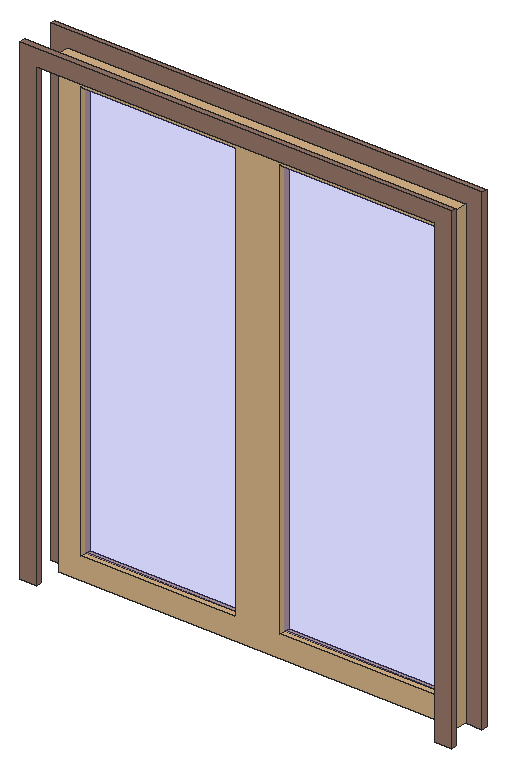
Revit family "Double-Glass 1", category Doors, host Wall, Revit 2014
Parameters (values of type "72" x 84"")
  Visual Light Transmittance = 0
  Thickness = 0' - 2"
  Thermal Resistance (R) = 1.5338 (h·ft²·°F)/BTU
  Solar Heat Gain Coefficient = 0
  Construction Type Id = "MDOOR"
  Heat Transfer Coefficient (U) = 0.6520 BTU/(h·ft²·°F)
  Function = Interior
  Assembly Code = "C1020"
  Door Material = Door - Panel
  Frame Material = Door - Frame
  Height = 7' - 0"
  Rail Width - Base = 0' - 4"
  Rail Width - Top = 0' - 4"
  Stile Width - Hinge = 0' - 4"
  Stile Width - Latch = 0' - 4"
  Trim Projection = 0' - 1"
  Trim Width = 0' - 3"
  Wall Closure = By host
  Width = 6' - 0"
  Analytic Construction = "Metal"
Types (5): name | Visual Light Transmittance | Thermal Resistance (R) | Solar Heat Gain Coefficient | Construction Type Id | Heat Transfer Coefficient (U) | Height | Trim Width | Width | Analytic Construction
  72" x 84" | 0 | 1.5338 (h·ft²·°F)/BTU | 0 | "MDOOR" | 0.6520 BTU/(h·ft²·°F) | 7' - 0" | 0' - 3" | 6' - 0" | "Metal"
  68" x 80" | 0.9 | 0.0000 (h·ft²·°F)/BTU | 0.78 | "GSP4R" | 0.6496 BTU/(h·ft²·°F) | 6' - 8" | 0' - 3" | 5' - 8" | "1/8 in Pilkington single glazing"
  68" x 84" | 0.9 | 0.0000 (h·ft²·°F)/BTU | 0.78 | "GSP4R" | 0.6496 BTU/(h·ft²·°F) | 7' - 0" | 0' - 3" | 5' - 8" | "1/8 in Pilkington single glazing"
  72" x 78" | 0.9 | 0.0000 (h·ft²·°F)/BTU | 0.78 | "GSP4R" | 0.6496 BTU/(h·ft²·°F) | 6' - 6" | 0' - 2" | 6' - 0" | "1/8 in Pilkington single glazing"
  72" x 82" | 0.9 | 0.0000 (h·ft²·°F)/BTU | 0.78 | "GSP4R" | 0.6496 BTU/(h·ft²·°F) | 6' - 10" | 0' - 2" | 6' - 0" | "1/8 in Pilkington single glazing"
Reference planes (in)
  plane 1: y = 0
  plane 2: z = 0
  plane 3: x = 0
  plane 4: x = -36
  plane 5: x = 36
  plane 6: z = 84
  plane 7: z = 4
  plane 8: z = 80
Forms (in)
  Extrusion 1, solid, material "Door - Panel" <- "Door Material"
    sketch origin (0, 0, 0) x (1, 0, 0) y (0, 0, 1)
      loop
        line (-36, 84) -> (-36, 0) -> (36, 0) -> (36, 84) -> (-36, 84)
      loop
        line (-32, 80) -> (-32, 4) -> (-4, 4) -> (-4, 80) -> (-32, 80)
      loop
        line (4, 80) -> (4, 4) -> (32, 4) -> (32, 80) -> (4, 80)
    from -3.09375 to -1.09375
  Extrusion 2, solid, material "Glass"
    sketch origin (0, 0, 0) x (1, 0, 0) y (0, 0, 1)
      loop
        line (-4, 80) -> (-32, 80) -> (-32, 4) -> (-4, 4) -> (-4, 80)
    from -2.375 to -2.09375
  Extrusion 3, solid, material "Glass"
    sketch origin (0, 0, 0) x (1, 0, 0) y (0, 0, 1)
      loop
        line (4, 80) -> (4, 4) -> (32, 4) -> (32, 80) -> (4, 80)
    from -2.375 to -2.09375
  Extrusion 4, solid, material "Door - Frame" <- "Frame Material"
    sketch origin (-93.06215, 3.09375, 0) x (-1, 0, 0) y (0, 0, 1)
      loop
        line (-129.06215, 0) -> (-129.06215, 84) -> (-57.06215, 84) -> (-57.06215, 0) -> (-54.06215, 0) -> (-54.06215, 87) -> (-132.06215, 87) -> (-132.06215, 0) -> (-129.06215, 0)
    from 0 to 1
  Extrusion 5, solid, material "Door - Frame" <- "Frame Material"
    sketch origin (-93.06215, -2.90625, 0) x (1, 0, 0) y (0, 0, 1)
      loop
        line (129.06215, 0) -> (132.06215, 0) -> (132.06215, 87) -> (54.06215, 87) -> (54.06215, 0) -> (57.06215, 0) -> (57.06215, 84) -> (129.06215, 84) -> (129.06215, 0)
    from 0 to 1
Lines and regions (in)
  Opening 1
    outline origin (-60, -2.90625, 144) x (0, 0, -1) y (1, 0, 0)
      loop
        line (60, 24) -> (144, 24) -> (144, 96) -> (60, 96) -> (60, 24)
  symbolic lines, style "DoorsPanelProjection"
    curve 1: line (35.9952, 3.09375, 0) -> (34, 3.09375, 0)
    curve 2: line (35.9952, 3.09375, 0) -> (35.9952, 7.09375, 0)
    curve 3: line (35.9952, 39.09135, 0) -> (34, 39.09135, 0)
    curve 4: line (34, 3.09375, 0) -> (34, 7.09375, 0)
    curve 5: line (-36.02099, 3.09375, 0) -> (-33.99712, 3.09375, 0)
    curve 6: line (-36.02099, 3.09375, 0) -> (-36.02099, 7.09375, 0)
    curve 7: line (-36.02099, 39.09137, 0) -> (-33.99712, 39.09137, 0)
    curve 8: line (-33.99712, 3.09375, 0) -> (-33.99712, 7.09375, 0)
    curve 13: line (-36.02099, 35.09137, 0) -> (-33.99712, 35.09137, 0)
    curve 14: line (-36.02099, 7.09375, 0) -> (-33.99712, 7.09375, 0)
    curve 16: line (34, 35.09135, 0) -> (35.9952, 35.09135, 0)
    curve 17: line (35.9952, 7.09375, 0) -> (34, 7.09375, 0)
    curve 19: line (-36.02099, 35.09137, 0) -> (-36.02099, 39.09137, 0)
    curve 20: line (-33.99712, 35.09137, 0) -> (-33.99712, 39.09137, 0)
    curve 21: line (-33.99712, 7.09375, 0) -> (-33.99712, 35.09137, 0)
    curve 22: line (-36.02099, 7.09375, 0) -> (-36.02099, 35.09137, 0)
    curve 23: line (34, 35.09135, 0) -> (34, 39.09135, 0)
    curve 24: line (35.9952, 35.09135, 0) -> (35.9952, 39.09135, 0)
    curve 25: line (35.9952, 7.09375, 0) -> (35.9952, 35.09135, 0)
    curve 26: line (34, 7.09375, 0) -> (34, 35.09135, 0)
  model lines
    curve 9: line (0, 0, 84) -> (0, 0, 84)
    curve 10: line (0, 0, 84) -> (0, 0, 84)
    curve 11: line (0, 0, 84) -> (0, 0, 84)
    curve 12: line (0, 0, 84) -> (0, 0, 84)
    curve 28: line (0, 1.09375, 84) -> (0, 1.09375, 0)
  symbolic lines, style "DoorsGlassProjection"
    curve 15: line (-34.99856, 35.09137, 0) -> (-34.99856, 7.09375, 0)
    curve 18: line (35, 7.09375, 0) -> (35, 35.09135, 0)
  model lines, style "Plan Swing"
    curve 27: line (0, 3.09375, 84) -> (0, 3.09375, 0)
  symbolic lines, style "Elevation Swing"
    curve 29: line (0, 0, 84) -> (-36, 0, 42)
    curve 30: line (0, 0, 0) -> (-36, 0, 42)
    curve 31: line (0, 0, 84) -> (36, 0, 42)
    curve 32: line (36, 0, 42) -> (0, 0, 0)
  symbolic lines, style "Plan Swing"
    curve 33: arc (-36.02099, 39.09137, 0) -> (-10.56684, 28.54791, 0) -> (-0.02338, 3.09375, 0) r 35.99762
    curve 34: arc (35.9952, 39.09135, 0) -> (10.53364, 28.54917, 0) -> (-0.02338, 3.09375, 0) r 36.01859
Text (in)
  text "Exterior" at (-78.76614, 13.86463, 0), in view "Ground floor"
Dimensions and locks (in)
  equal spacing: plane 4, plane 3, plane 5
  "Width": plane 4 to plane 5
  host wall to curve 1 = 0' - 0"
  "Height": plane 6 to plane 2
  "Stile Width - Latch": curve 13 to curve 7
  "Stile Width - Hinge": host wall to curve 14
  "Stile Width - Latch": curve 3 to curve 16
  "Stile Width - Hinge": curve 17 to host wall
  plane 2 to plane 6 = 7' - 0"
  "Trim Width": Extrusion 4 sketch curve to Extrusion 1  (x2)
  "Trim Width": Extrusion 4 sketch curve to plane 6
  "Trim Projection": Extrusion 4 to host wall
  "Trim Width": Extrusion 5 sketch curve to plane 5
  "Trim Width": Extrusion 5 sketch curve to plane 4
  "Trim Width": Extrusion 5 sketch curve to plane 6
  "Trim Projection": Extrusion 5 to Extrusion 5
  "Thickness": Extrusion 1 to host wall
  "Rail Width - Base": plane 2 to plane 7
  "Rail Width - Top": plane 8 to plane 6
  locked: host wall to Extrusion 2 at 0.71875
  host wall to Extrusion 3 = 0' - 0 23/32"
  locked: Extrusion 3 to Extrusion 3 at 0.28125
  equal spacing: level, curve 32, plane 6
  equal spacing: level, curve 30, plane 6
  aligned and locked: Extrusion 2 to Extrusion 3  (x2)
  aligned and locked: Extrusion 4 sketch curve to curve 1
  aligned and locked: plane 6 to Extrusion 4 sketch curve  (x2)
  aligned and locked: curve 5 to Extrusion 4 sketch curve
  aligned and locked: plane 2 to Extrusion 4 sketch curve
  aligned and locked: level to Extrusion 4 sketch curve
  aligned and locked: Extrusion 4 to host wall
  aligned and locked: Extrusion 5 sketch curve to curve 1
  aligned and locked: level to Extrusion 5 sketch curve
  aligned and locked: plane 2 to Extrusion 5 sketch curve
  aligned and locked: curve 5 to Extrusion 5 sketch curve
  aligned and locked: plane 6 to Extrusion 5 sketch curve  (x2)
  aligned and locked: plane 5 to Extrusion 5 sketch curve
  aligned and locked: host wall to Extrusion 1
  aligned and locked: curve 5 to host wall
Automatic sketch dimensions
  Opening 1 sketch curve to plane 6 = 0' - 0"
  Opening 1 sketch curve to level = 0' - 0"
  Opening 1 sketch curve to plane 4 = 0' - 0"
  Opening 1 sketch curve to plane 5 = 0' - 0"
  Extrusion 4 sketch curve to plane 5 = 0' - 0"
  Extrusion 4 sketch curve to plane 4 = 0' - 0"
  Extrusion 5 sketch curve to plane 4 = 0' - 0"
  Extrusion 1 sketch curve to plane 4 = 0' - 0"
  Extrusion 1 sketch curve to plane 5 = 0' - 0"
  Extrusion 1 sketch curve to level = 0' - 0"
  Extrusion 1 sketch curve to plane 6 = 0' - 0"
  Extrusion 2 sketch curve to plane 7 = 0' - 0"
  Extrusion 2 sketch curve to plane 8 = 0' - 0"
  Extrusion 3 sketch curve to plane 7 = 0' - 0"
  Extrusion 3 sketch curve to plane 8 = 0' - 0"
  plane 5 to Extrusion 1 sketch curve = 0' - 4"
  plane 5 to Extrusion 3 sketch curve = 0' - 4"
  Extrusion 1 sketch curve to plane 7 = 0' - 0"  (x2)
  Extrusion 1 sketch curve to plane 8 = 0' - 0"  (x2)
  Extrusion 1 sketch curve to plane 4 = 0' - 4"
  Extrusion 2 sketch curve to plane 4 = 0' - 4"
  plane 3 to Extrusion 1 sketch curve = 0' - 4"
  plane 3 to Extrusion 3 sketch curve = 0' - 4"
  Extrusion 1 sketch curve to plane 3 = 0' - 4"
  Extrusion 2 sketch curve to plane 3 = 0' - 4"
  curve 9 to plane 3 = 0' - 0"  (x2)
  curve 9 to plane 6 = 0' - 0"  (x2)
  curve 10 to plane 3 = 0' - 0"
  curve 10 to plane 6 = 0' - 0"
  curve 11 to plane 3 = 0' - 0"
  curve 11 to plane 6 = 0' - 0"
  curve 27 to plane 3 = 0' - 0"
  curve 27 to plane 6 = 0' - 0"
  curve 31 to plane 3 = 0' - 0"
  curve 31 to plane 6 = 0' - 0"
  curve 28 to plane 3 = 0' - 0"
  curve 28 to plane 6 = 0' - 0"
  curve 29 to plane 4 = 0' - 0"
  curve 31 to plane 5 = 0' - 0"
  curve 27 to level = 0' - 0"
  curve 32 to level = 0' - 0"
  curve 28 to level = 0' - 0"
  curve 30 to plane 3 = 0' - 0"
  host wall to curve 33 = 0' - 0"
  plane 4 to curve 14 = 0' - 0.02099"
  curve 15 to plane 4 = 0' - 1.00144"
  curve 15 to curve 8 = 0' - 1.00144"
  curve 34 to plane 3 = 0' - 0.02338"
  plane 5 to curve 23 = 0' - 2"
  plane 5 to curve 18 = 0' - 1"
  plane 5 to curve 34 = 0' - 0.0048"
  curve 34 to host wall = 0' - 0.02098"
